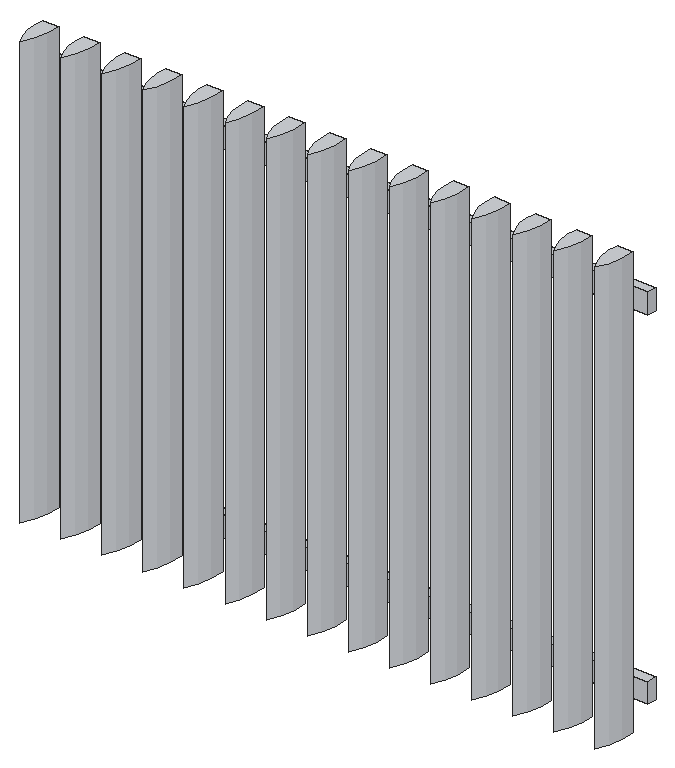
Revit family "Brazilian II Series", category Mechanical Equipment, Revit 2015
Parameters
  blade spacing [instance] = 0' - 8"
  blade number [instance] = (Overall Width - 0' 2" - 0' 2") / blade spacing  # 15
  Overall Width = 10' - 0"
  Height = 7' - 0"
Reference planes (in)
  plane 1 "Center (Front/Back)": y = 0
  plane 2: z = 0
  plane 3 "Center (Left/Right)": x = 0
  plane 4: x = -60
  plane 5: x = 60
  plane 6: z = 42
  plane 7: z = -42
  plane 8: y = -1.75
  plane 9: z = 36
  plane 10: z = 32
  plane 11: z = -36
  plane 12: z = -32
  plane 13: x = -56.5
Forms (in)
  Extrusion 1, solid
    sketch origin (0, 0, 0) x (0, 0, -1) y (1, 0, 0)
      loop
        line (-36, 60) -> (-36, -60) -> (-32, -60) -> (-32, 60) -> (-36, 60)
      loop
        line (36, 60) -> (32, 60) -> (32, -60) -> (36, -60) -> (36, 60)
    from 0 to 1.75
Dimensions and locks (in)
  equal spacing: plane 4, plane 3 "Center (Left/Right)", plane 5
  "Overall Width": plane 4 to plane 5
  equal spacing: plane 6, level, plane 7
  "Height": plane 6 to plane 7
  locked: plane 6 to plane 9 at 6
  locked: plane 9 to plane 10 at 4
  locked: plane 11 to plane 7 at 6
  locked: plane 12 to plane 11 at 4
  locked: plane 4 to plane 13 at 3.5
  equal spacing: group 1, group 2, group 3, group 4, group 5, group 6, group 7, group 8, group 9, group 10, group 11, group 12, group 13, group 14, group 15  (x3)
  "blade spacing": plane 13 to nested 2
  aligned and locked: level to plane 2
  aligned and locked: Extrusion 1 to plane 1 "Center (Front/Back)"
  aligned and locked: plane 1 "Center (Front/Back)" to Extrusion 1
  aligned and locked: plane 13 to nested 1
  aligned and locked: plane 8 to nested 1
Automatic sketch dimensions
  plane 4 to Extrusion 1 sketch curve = 0' - 0"  (x2)
  plane 5 to Extrusion 1 sketch curve = 0' - 0"  (x2)
  Extrusion 1 sketch curve to Extrusion 1 sketch curve = 0' - 4"  (x2)
  plane 7 to Extrusion 1 sketch curve = 0' - 10"
  Extrusion 1 sketch curve to plane 6 = 0' - 10"
Nested families (in)
  nested 1: "Family5" at (-63.84719, 2.51144, 0), blade length <- "Height", type "Family5"
    with blade length 7' - 0"
  nested 2: "Family5" at (-55.84719, 2.51144, 0), blade length <- "Height", type "Family5"
    with blade length 7' - 0"
  nested 3: "Family5" at (-47.84719, 2.51144, 0), blade length <- "Height", type "Family5"
    with blade length 7' - 0"
  nested 4: "Family5" at (-39.84719, 2.51144, 0), blade length <- "Height", type "Family5"
    with blade length 7' - 0"
  nested 5: "Family5" at (-31.84719, 2.51144, 0), blade length <- "Height", type "Family5"
    with blade length 7' - 0"
  nested 6: "Family5" at (-23.84719, 2.51144, 0), blade length <- "Height", type "Family5"
    with blade length 7' - 0"
  nested 7: "Family5" at (-15.84719, 2.51144, 0), blade length <- "Height", type "Family5"
    with blade length 7' - 0"
  nested 8: "Family5" at (-7.84719, 2.51144, 0), blade length <- "Height", type "Family5"
    with blade length 7' - 0"
  nested 9: "Family5" at (0.15281, 2.51144, 0), blade length <- "Height", type "Family5"
    with blade length 7' - 0"
  nested 10: "Family5" at (8.15281, 2.51144, 0), blade length <- "Height", type "Family5"
    with blade length 7' - 0"
  nested 11: "Family5" at (16.15281, 2.51144, 0), blade length <- "Height", type "Family5"
    with blade length 7' - 0"
  nested 12: "Family5" at (24.15281, 2.51144, 0), blade length <- "Height", type "Family5"
    with blade length 7' - 0"
  nested 13: "Family5" at (32.15281, 2.51144, 0), blade length <- "Height", type "Family5"
    with blade length 7' - 0"
  nested 14: "Family5" at (40.15281, 2.51144, 0), blade length <- "Height", type "Family5"
    with blade length 7' - 0"
  nested 15: "Family5" at (48.15281, 2.51144, 0), blade length <- "Height", type "Family5"
    with blade length 7' - 0"
Definition of nested family "Family5"
  Parameters (values of type "Family5")
    blade length [instance] = 4' - 0"
  Reference planes (in)
    plane 1 "Center (Front/Back)": y = 0
    plane 2: z = 0
    plane 3 "Center (Left/Right)": x = 0
    plane 4: z = -24
    plane 5: z = 24
  Forms (in)
    Extrusion 1, solid
      sketch origin (0, 0, 0) x (1, 0, 0) y (0, 1, 0)
        loop
          arc (5.84719, -4.26144) -> (5.95562, -8.10959) -> (7.34719, -11.69894) r 11.32177
          arc (7.34719, -11.69894) -> (8.66331, -8.09437) -> (8.84719, -4.26144) r 12.74873
          line (8.84719, -4.26144) -> (5.84719, -4.26144)
      from -24 to 24
  Dimensions and locks (in)
    equal spacing: plane 5, level, plane 4
    "blade length": plane 5 to plane 4
    aligned and locked: level to plane 2
    aligned and locked: plane 5 to Extrusion 1
    aligned and locked: Extrusion 1 to plane 4
  Automatic sketch dimensions
    Extrusion 1 sketch curve to plane 3 "Center (Left/Right)" = 0' - 3.8338"
    plane 1 "Center (Front/Back)" to Extrusion 1 sketch curve = 0' - 4.26144"
    plane 3 "Center (Left/Right)" to Extrusion 1 sketch curve = 0' - 5.84719"
    Extrusion 1 sketch curve to Extrusion 1 sketch curve = 0' - 3"
    Extrusion 1 sketch curve to Extrusion 1 sketch curve = 0' - 8.20674"
    plane 1 "Center (Front/Back)" to Extrusion 1 sketch curve = 0' - 5.57394"
    plane 1 "Center (Front/Back)" to Extrusion 1 sketch curve = 0' - 5.87127"
